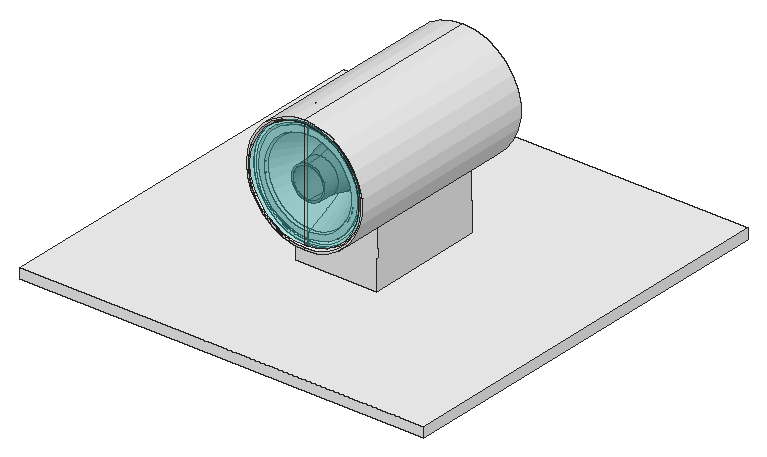
Revit family "BE_24725_de_DE", category Leuchten, Revit 2020
Family settings
  Basisbauteil = Fläche
  Bemaßung runder Anschluss = Durchmesser verwenden
  Teiletyp = Normal
  Beim Laden mit Abzugskörper schneiden = Ja
  Lichtquelle = Ja
  Gemeinsam genutzt = Nein
  Raumberechnungspunkt = Ja
Parameters (values of type "BEGA_24725_Weiß_K4")
  built-in parameter 1150104 = 17.197 (stored number, unit not read)
  Wattage = 8.4 W
  Default Elevation = 0 mm
  built-in parameter 1150113 = 1 (stored number, unit not read)
  built-in parameter 1114218 = 1 (stored number, unit not read)
  Umgebungstemperatur = "25 °C"
  URL = "https://www.bega.com/de/produkt/24725"
  Typenkommentare = "© 2022 BEGA. Wir behalten uns das Recht vor, technische Änderungen ohne vorherige Ankündigung vorzunehmen."  # constant formula
  built-in parameter 1150134 = 12
  built-in parameter 1150109 = 1 (stored number, unit not read)
  Strom = ""
  built-in parameter 1150110 = 1 (stored number, unit not read)
  Spannung = 239.996 V
  Sonderanfertigung = no
  Seriennummer [instance] = "Hier können Sie die eindeutige Seriennummer für das Facility Management eintragen."
  Schutzklasse = "I"
  Schutzart = "IP 65"
  Scheinlast = 0 VA
  Produktdatenblatt = "https://cdn.bega.com/bega/products/24725WK3/current/documents/data-sheets/de"
  Oberflächentemperatur = ""
  Neigungswinkel = 0.00°
  Modell = "24725WK4"
  Material_17 = BEGA_Reflektor
  Material_15 = BEGA_Leuchtmedium_matt
  Material_13 = BEGA_Kunststoff_matt
  Material_09 = BEGA_Glas_klar
  Material_06 = BEGA_Oberfläche_Edelstahl_gebürstet
  Material_03 = BEGA_Oberfläche_Weiss_matt
  Material_02 = BEGA_Oberfläche_Silber_matt
  Material_01 [instance] = BEGA_Oberfläche_Grafit_matt
  M_W = yes
  M_G = no
  M_A = no
  Logo = 0
  built-in parameter 1114217 = 1 (stored number, unit not read)
  built-in parameter 1150139 = (empty or 0)
  built-in parameter 1150105 = 123.74 (stored number, unit not read)
  built-in parameter 1150114 = 1 (stored number, unit not read)
  Lumens = 1554.92 lm
  built-in parameter 1150115 = 1 (stored number, unit not read)
  Leuchtenlichtstrom = "515 lm"
  Leuchtenanzahl = ""
  Lebensdauerkriterien = "L70B50 @ 25 °C = 115000 h"
  Lastklassifizierung = Beleuchtung
  built-in parameter 1150112 = 1 (stored number, unit not read)
  Lampenlichtstrom = "1555 lm"
  Lampe = "LED 8.4 W"
  LED_Modulbezeichnung = "LED-1145/840"
  built-in parameter 1150142 = (empty or 0)
  Hersteller = "BEGA"  # constant formula
  Halbstreuwinkel = ""
  Gewicht = "2.25 kg"
  Gebrauchslageneinschränkung [instance] = ""
  Frequenz = "0/50-60 Hz"
  Farbwiedergabeindex = "CRI > 80"
  Farbtemperaturverschiebung bei Dämpfen der Lampe = <Keine Auswahl>
  Farbtemperatur = "4000 K"
  Color Filter = 16777215
  built-in parameter 1150133 = 10 (stored number, unit not read)
  Energieeffizienzklasse = "LED A++ - A"
  built-in parameter 1150137 = (empty or 0)
  built-in parameter 1150132 = (empty or 0)
  ENEC = ""
  Dimmbar [instance] = ""
  Datei für fotometrisches Netz = "BE_24725K4.IES"
  CE_Konformität = "ja"
  Bestellnummer = "24725WK4"
  Beschreibung_Sonderanfertigung = "Hier können Sie Informationen zur Sonderanfertigung eintragen."
  Beschreibung = "Wandleuchte"
  built-in parameter 1150106 = 1.2374 (stored number, unit not read)
  Befestigungsbohrung = "Ø 4,4 mm"
  Befestigungsabstand = "60 x 95 mm"
  Ballwurfsicher = ""
  Anschlussleitung = ""
  Anschlussleistung [instance] = "10 W"
  Anschlusskasten = ""
  built-in parameter 1150107 = 4000 (stored number, unit not read)
  built-in parameter 1150102 = (empty or 0)
  built-in parameter 1150138 = (empty or 0)
  Aktualisierung = "2022-05-20T04:00:08"
  Abstand_zur_angestrahlten_Fläche [instance] = ""
  AC/DC = "AC/DC"
Types (6, lengths in mm): name | built-in parameter 1150104 | built-in parameter 1150134 | Modell | M_W | M_G | M_A | built-in parameter 1150105 | Lumens | Leuchtenlichtstrom | Lampenlichtstrom | LED_Modulbezeichnung | Farbtemperatur | Datei für fotometrisches Netz | Bestellnummer | built-in parameter 1150106 | built-in parameter 1150107
  BEGA_24725_Weiß_K3 | 16.369 (stored number, unit not read) | (empty or 0) | "24725WK3" | yes | no | no | 117.77 (stored number, unit not read) | 1480 lm | "490 lm" | "1480 lm" | "LED-1145/830" | "3000 K" | "BE_24725K3.IES" | "24725WK3" | 1.1777 (stored number, unit not read) | 3000 (stored number, unit not read)
  BEGA_24725_Weiß_K4 | 17.197 (stored number, unit not read) | 12 | "24725WK4" | yes | no | no | 123.74 (stored number, unit not read) | 1554.92 lm | "515 lm" | "1555 lm" | "LED-1145/840" | "4000 K" | "BE_24725K4.IES" | "24725WK4" | 1.2374 (stored number, unit not read) | 4000 (stored number, unit not read)
  BEGA_24725_Grafit_K4 | 17.198 (stored number, unit not read) | 12 | "24725K4" | no | yes | no | 123.74 (stored number, unit not read) | 1555.01 lm | "515 lm" | "1555 lm" | "LED-1145/840" | "4000 K" | "BE_24725K4.IES" | "24725K4" | 1.2374 (stored number, unit not read) | 4000 (stored number, unit not read)
  BEGA_24725_Grafit_K3 | 16.369 (stored number, unit not read) | (empty or 0) | "24725K3" | no | yes | no | 117.77 (stored number, unit not read) | 1480 lm | "490 lm" | "1480 lm" | "LED-1145/830" | "3000 K" | "BE_24725K3.IES" | "24725K3" | 1.1777 (stored number, unit not read) | 3000 (stored number, unit not read)
  BEGA_24725_Silber_K4 | 17.198 (stored number, unit not read) | 12 | "24725AK4" | no | no | yes | 123.74 (stored number, unit not read) | 1555.01 lm | "515 lm" | "1555 lm" | "LED-1145/840" | "4000 K" | "BE_24725K4.IES" | "24725AK4" | 1.2374 (stored number, unit not read) | 4000 (stored number, unit not read)
  BEGA_24725_Silber_K3 | 16.369 (stored number, unit not read) | (empty or 0) | "24725AK3" | no | no | yes | 117.77 (stored number, unit not read) | 1480 lm | "490 lm" | "1480 lm" | "LED-1145/830" | "3000 K" | "BE_24725K3.IES" | "24725AK3" | 1.1777 (stored number, unit not read) | 3000 (stored number, unit not read)
Reference planes
  plane 1 "Mitte (Vorne/Hinten)": y = 0
  plane 2: z = 0
  plane 3 "Mitte (Links/Rechts)": x = 0
  plane 4 "Links": x = -57.49
  plane 5 "Rechts": x = 57.5
  plane 6 "Unten": y = -97.7
  plane 7 "Oben": y = 97.5
  plane 8 "Vorne": z = 156.1
  plane 9 "Hinten": z = 0
Forms (mm)
  Extrusion 1, solid, material "BEGA_Platte_Weiss"
    sketch origin (0, -1119.2, 0) x (1, 0, 0) y (0, 1, 0)
      loop
        line (-200, 1319.2) -> (-200, 919.2) -> (200, 919.2) -> (200, 1319.2) -> (-200, 1319.2)
    from 0 to -10
  Extrusion 2, solid, material "BEGA_Dummy_matt", not visible
    sketch origin (80.095, -76.023, 0) x (1, 0, 0) y (0, 1, 0)
      loop
        line (-137.585, 173.523) -> (-137.585, -21.677) -> (-22.595, -21.677) -> (-22.595, 173.523) -> (-137.585, 173.523)
    from 0 to 156.1
Dimensions and locks
  plane 1 "Mitte (Vorne/Hinten)" to Extrusion 1 = 200 mm
  aligned and locked: Extrusion 1 to plane 2
  aligned and locked: level to Extrusion 1
Nested families
  nested 1: "BE_24725" at (0, 0, 0) x (0, -1, 0) z (0, 0, 1), type "BE_24725"
Connectors
  electrical at (0, 0, 0), driven by "Lastklassifizierung", driven by "Spannung", driven by "Scheinlast"
    settings: index 1, voltage 239.996 V, apparent load 0 VA, apparent load phase1 0 VA, apparent load phase2 0 VA, apparent load phase3 0 VA, power factor 1, load classification "Beleuchtung", number of poles 1, system type 31, power factor state 1, is connector primary yes, connector utility no, sub classification motor no, connector description ""
Definition of nested family "BE_24725"
  Parameters (values of type "BE_24725")
    Default Elevation = 1 mm
    URL = "http://www.bega.de/de/produkt"
    Type Comments = "© 2015 BEGA. Wir behalten uns das Recht vor, technische Änderungen ohne vorherige Ankündigung vorzunehmen. "  # constant formula
    Type Image = (empty or 0)
    Material_17 = none
    Material_15 = none
    Material_13 = none
    Material_09 = none
    Material_06 = none
    Material_03 = none
    Material_02 = none
    Material_01 = none
    M_W = yes
    M_G = yes
    M_A = yes
    Länge_Platte = 300 mm  # constant formula
    Höhe_Platte = -20 mm  # constant formula
    Manufacturer = "BEGA"  # constant formula
    Breite_Platte = 300 mm  # constant formula
  Reference planes
    plane 1 "Mitte (Oben/Unten)": y = 0
    plane 2: z = 0
    plane 3 "Mitte (Links/Rechts)": x = 0
    plane 4: x = 97.7
    plane 5: x = -97.5
    plane 6: z = 156.1
    plane 7: y = 57.5
    plane 8: y = -57.49
  Forms (mm)
    Extrusion 1, solid, detail levels medium
      sketch origin (0, 0, 0) x (1, 0, 0) y (0, 1, 0)
        loop
          line (-150, 150) -> (-150, -150) -> (150, -150) -> (150, 150) -> (-150, 150)
      from 0 to -20 <- "Höhe_Platte"
    Revolve 2, solid, material <- "Material_09"
      sketch origin (0, 0, 0) x (-1, 0, 0) y (0, 0, 1)
        loop
          line (-97.7, 98.6) -> (-93.6, 98.6) -> (-93.6, 152.6) -> (-97.7, 152.6) -> (-97.7, 98.6)
        axis (-97.7, 98.6) -> (-93.6, 98.6)
      angle from 0 to 360
    Revolve 3, solid, material <- "Material_17"
      sketch origin (0, 0, 0) x (1, 0, 0) y (0, 0, 1)
        loop
          line (-93.3, 141.601) -> (-90.658, 140.606)
          arc (-90.658, 140.606) -> (-69.591, 131.359) -> (-49.635, 119.908) r 214.495
          line (-49.635, 119.908) -> (-46.3, 119.85) -> (-46.3, 108.6) -> (-45.1, 108.6) -> (-45.1, 119.425)
          arc (-45.1, 119.425) -> (-45.438, 120.376) -> (-46.3, 120.901) r 1.508
          line (-46.3, 120.901) -> (-49.386, 121.203)
          arc (-49.386, 121.203) -> (-68.917, 132.385) -> (-89.515, 141.455) r 214.012
          line (-89.515, 141.455) -> (-92.1, 142.434) -> (-92.1, 147.6) -> (-93.3, 147.6) -> (-93.3, 141.601)
        axis (-93.3, 98.6) -> (-45.1, 98.6)
      angle from 0 to 360
    Revolve 4, solid, material <- "Material_17"
      sketch origin (0, 0, 0) x (-1, 0, 0) y (0, 0, 1)
        loop
          line (-93.3, 141.601) -> (-90.658, 140.606)
          arc (-90.658, 140.606) -> (-69.591, 131.359) -> (-49.635, 119.908) r 214.495
          line (-49.635, 119.908) -> (-46.3, 119.85) -> (-46.3, 108.6) -> (-45.1, 108.6) -> (-45.1, 119.425)
          arc (-45.1, 119.425) -> (-45.438, 120.376) -> (-46.3, 120.901) r 1.508
          line (-46.3, 120.901) -> (-49.386, 121.203)
          arc (-49.386, 121.203) -> (-68.917, 132.385) -> (-89.515, 141.455) r 214.012
          line (-89.515, 141.455) -> (-92.1, 142.434) -> (-92.1, 147.6) -> (-93.3, 147.6) -> (-93.3, 141.601)
        axis (-93.3, 98.6) -> (-45.1, 98.6)
      angle from 0 to 360
    Revolve 5, solid, material <- "Material_01"
      sketch origin (0, 0, 0) x (1, 0, 0) y (0, 0, 1)
        loop
          line (-93.1, 115.201) -> (-93.1, 113.6) -> (-59.308, 114.78) -> (-59.308, 115.883) -> (-46.3, 115.996) -> (-46.3, 119.6) -> (-60.3, 119.478) -> (-78.006, 115.733) -> (-93.1, 115.201)
        axis (-93.1, 98.6) -> (-46.3, 98.6)
      angle from 0 to 360
    Revolve 6, solid, material <- "Material_01"
      sketch origin (0, 0, 0) x (-1, 0, 0) y (0, 0, 1)
        loop
          line (-93.1, 115.201) -> (-93.1, 113.6) -> (-59.308, 114.78) -> (-59.308, 115.883) -> (-46.3, 115.996) -> (-46.3, 119.6) -> (-60.3, 119.478) -> (-78.006, 115.733) -> (-93.1, 115.201)
        axis (-93.1, 98.6) -> (-46.3, 98.6)
      angle from 0 to 360
    Revolve 7, solid, material <- "Material_01", visible <- "M_G"
      sketch origin (0, 0, 0) x (1, 0, 0) y (0, 0, 1)
        loop
          line (-97.5, 98.6) -> (97.5, 98.6) -> (97.5, 156.1) -> (-97.5, 156.1) -> (-97.5, 98.6)
        axis (-97.5, 98.6) -> (97.5, 98.6)
      angle from 0 to 360
    Extrusion 8, solid, material <- "Material_01", visible <- "M_G"
      sketch origin (0, 0, 0) x (1, 0, 0) y (0, 0, 1)
        loop
          line (-59, 1.3) -> (59, 1.3) -> (57.474, 59.577) -> (-57.474, 59.577) -> (-59, 1.3)
      from -39.971 to 40.217
    Revolve 9, solid, material <- "Material_13"
      sketch origin (0, 0, 0) x (1, 0, 0) y (0, 0, 1)
        loop
          line (-44.15, 108.604) -> (-44.15, 98.6) -> (-43.346, 98.6) -> (-43.346, 108.604) -> (-44.15, 108.604)
        axis (-44.15, 98.6) -> (-43.15, 98.6)
      angle from 0 to 360
    Revolve 10, solid, material <- "Material_15"
      sketch origin (0, 0, 0) x (-1, 0, 0) y (0, 0, 1)
        loop
          line (-44.15, 108.604) -> (-44.15, 98.6) -> (-43.346, 98.6) -> (-43.346, 108.604) -> (-44.15, 108.604)
        axis (-44.15, 98.6) -> (-43.15, 98.6)
      angle from 0 to 360
    Revolve 11, void
      sketch origin (0, 0, 0) x (-1, 0, 0) y (0, 0, 1)
        loop
          line (-42, 98.6) -> (-42, 148.291) -> (-93.3, 150.083) -> (-93.3, 152.965) -> (-99.113, 155.064) -> (-99.113, 98.6) -> (-42, 98.6)
        axis (-99.113, 98.6) -> (-42, 98.6)
      angle from 0 to 360
    Extrusion 12, void
      sketch origin (0, 0, 0) x (1, 0, 0) y (0, 1, 0)
        loop
          arc (-45.292, 31.01) -> (-47.51, 33.226) -> (-49.724, 31.006) r 2.216
          line (-49.724, 31.006) -> (-49.724, 27.006)
          arc (-49.724, 27.006) -> (-47.506, 24.794) -> (-45.292, 27.01) r 2.216
          line (-45.292, 27.01) -> (-45.292, 31.01)
      from 0 to 7.85
    Extrusion 13, solid, material <- "Material_01", visible <- "M_G"
      sketch origin (0, 0, 0) x (1, 0, 0) y (0, 1, 0)
        loop
          arc (-51.723, 27.012) -> (-47.508, 22.797) -> (-43.293, 27.012) r 4.215
          line (-43.293, 27.012) -> (-43.293, 31.012)
          arc (-43.293, 31.012) -> (-47.508, 35.227) -> (-51.723, 31.012) r 4.215
          line (-51.723, 31.012) -> (-51.723, 27.012)
        loop
          arc (-45.293, 31.007) -> (-47.506, 33.227) -> (-49.724, 31.012) r 2.215
          line (-49.724, 31.012) -> (-49.724, 27.012)
          arc (-49.724, 27.012) -> (-47.511, 24.797) -> (-45.293, 27.007) r 2.215
          line (-45.293, 27.007) -> (-45.293, 31.007)
      from 0 to 7.634
    Extrusion 14, void
      sketch origin (0, 0, 0) x (1, 0, 0) y (0, 1, 0)
        loop
          circle (-22.508, 17.512) r 10.25
      from 0 to 20.198
    Extrusion 15, void
      sketch origin (0, 0, 0) x (1, 0, 0) y (0, 1, 0)
        loop
          circle (-22.508, -17.512) r 10.25
      from 0 to 20.198
    Extrusion 16, void
      sketch origin (0, 0, 0) x (1, 0, 0) y (0, 1, 0)
        loop
          arc (49.492, -33.204) -> (51.707, -30.988) -> (49.492, -28.773) r 2.215
          line (49.492, -28.773) -> (45.492, -28.773)
          arc (45.492, -28.773) -> (43.276, -30.988) -> (45.492, -33.204) r 2.215
          line (45.492, -33.204) -> (49.492, -33.204)
      from -4.437 to 14.492
    Extrusion 17, solid, material <- "Material_01", visible <- "M_G"
      sketch origin (0, 0, 0) x (1, 0, 0) y (0, 1, 0)
        loop
          arc (49.492, -35.203) -> (53.707, -30.988) -> (49.492, -26.773) r 4.215
          line (49.492, -26.773) -> (45.492, -26.773)
          arc (45.492, -26.773) -> (41.277, -30.988) -> (45.492, -35.203) r 4.215
          line (45.492, -35.203) -> (49.492, -35.203)
        loop
          arc (45.492, -28.773) -> (43.276, -30.988) -> (45.492, -33.204) r 2.215
          line (45.492, -33.204) -> (49.492, -33.204)
          arc (49.492, -33.204) -> (51.707, -30.988) -> (49.492, -28.773) r 2.215
          line (49.492, -28.773) -> (45.492, -28.773)
      from 0 to 7.899
    Extrusion 18, solid, material <- "Material_01", visible <- "M_G"
      sketch origin (0, 0, 0) x (1, 0, 0) y (0, 1, 0)
        loop
          arc (45.492, 35.227) -> (41.277, 31.012) -> (45.492, 26.797) r 4.215
          line (45.492, 26.797) -> (49.492, 26.797)
          arc (49.492, 26.797) -> (53.707, 31.012) -> (49.492, 35.227) r 4.215
          line (49.492, 35.227) -> (45.492, 35.227)
      from 0 to 10.492
    Extrusion 19, solid, material <- "Material_01", visible <- "M_G"
      sketch origin (0, 0, 0) x (1, 0, 0) y (0, 1, 0)
        loop
          arc (-43.293, -26.988) -> (-47.508, -22.773) -> (-51.723, -26.988) r 4.215
          line (-51.723, -26.988) -> (-51.723, -30.988)
          arc (-51.723, -30.988) -> (-47.508, -35.203) -> (-43.293, -30.988) r 4.215
          line (-43.293, -30.988) -> (-43.293, -26.988)
      from 0 to 16.243
    Revolve 20, solid, material <- "Material_02", visible <- "M_A"
      sketch origin (0, 0, 0) x (1, 0, 0) y (0, 0, 1)
        loop
          line (-97.5, 98.6) -> (97.5, 98.6) -> (97.5, 156.1) -> (-97.5, 156.1) -> (-97.5, 98.6)
        axis (-97.5, 98.6) -> (97.5, 98.6)
      angle from 0 to 360
    Extrusion 21, solid, material <- "Material_02", visible <- "M_A"
      sketch origin (0, 0, 0) x (1, 0, 0) y (0, 0, 1)
        loop
          line (-59, 1.3) -> (59, 1.3) -> (57.474, 59.577) -> (-57.474, 59.577) -> (-59, 1.3)
      from -39.971 to 40.217
    Extrusion 22, solid, material <- "Material_02", visible <- "M_A"
      sketch origin (0, 0, 0) x (1, 0, 0) y (0, 1, 0)
        loop
          arc (45.492, 35.227) -> (41.277, 31.012) -> (45.492, 26.797) r 4.215
          line (45.492, 26.797) -> (49.492, 26.797)
          arc (49.492, 26.797) -> (53.707, 31.012) -> (49.492, 35.227) r 4.215
          line (49.492, 35.227) -> (45.492, 35.227)
      from 0 to 10.492
    Extrusion 23, solid, material <- "Material_02", visible <- "M_A"
      sketch origin (0, 0, 0) x (1, 0, 0) y (0, 1, 0)
        loop
          arc (49.492, -35.203) -> (53.707, -30.988) -> (49.492, -26.773) r 4.215
          line (49.492, -26.773) -> (45.492, -26.773)
          arc (45.492, -26.773) -> (41.277, -30.988) -> (45.492, -35.203) r 4.215
          line (45.492, -35.203) -> (49.492, -35.203)
        loop
          arc (45.492, -28.773) -> (43.276, -30.988) -> (45.492, -33.204) r 2.215
          line (45.492, -33.204) -> (49.492, -33.204)
          arc (49.492, -33.204) -> (51.707, -30.988) -> (49.492, -28.773) r 2.215
          line (49.492, -28.773) -> (45.492, -28.773)
      from 0 to 7.899
    Extrusion 24, solid, material <- "Material_02", visible <- "M_A"
      sketch origin (0, 0, 0) x (1, 0, 0) y (0, 1, 0)
        loop
          arc (-43.293, -26.988) -> (-47.508, -22.773) -> (-51.723, -26.988) r 4.215
          line (-51.723, -26.988) -> (-51.723, -30.988)
          arc (-51.723, -30.988) -> (-47.508, -35.203) -> (-43.293, -30.988) r 4.215
          line (-43.293, -30.988) -> (-43.293, -26.988)
      from 0 to 16.243
    Extrusion 25, solid, material <- "Material_02", visible <- "M_A"
      sketch origin (0, 0, 0) x (1, 0, 0) y (0, 1, 0)
        loop
          arc (-51.723, 27.012) -> (-47.508, 22.797) -> (-43.293, 27.012) r 4.215
          line (-43.293, 27.012) -> (-43.293, 31.012)
          arc (-43.293, 31.012) -> (-47.508, 35.227) -> (-51.723, 31.012) r 4.215
          line (-51.723, 31.012) -> (-51.723, 27.012)
        loop
          arc (-45.293, 31.007) -> (-47.506, 33.227) -> (-49.724, 31.012) r 2.215
          line (-49.724, 31.012) -> (-49.724, 27.012)
          arc (-49.724, 27.012) -> (-47.511, 24.797) -> (-45.293, 27.007) r 2.215
          line (-45.293, 27.007) -> (-45.293, 31.007)
      from 0 to 7.634
    Revolve 26, solid, material <- "Material_03", visible <- "M_W"
      sketch origin (0, 0, 0) x (1, 0, 0) y (0, 0, 1)
        loop
          line (-97.5, 98.6) -> (97.5, 98.6) -> (97.5, 156.1) -> (-97.5, 156.1) -> (-97.5, 98.6)
        axis (-97.5, 98.6) -> (97.5, 98.6)
      angle from 0 to 360
    Extrusion 27, solid, material <- "Material_03", visible <- "M_W"
      sketch origin (0, 0, 0) x (1, 0, 0) y (0, 0, 1)
        loop
          line (-59, 1.3) -> (59, 1.3) -> (57.474, 59.577) -> (-57.474, 59.577) -> (-59, 1.3)
      from -39.971 to 40.217
    Extrusion 28, solid, material <- "Material_03", visible <- "M_W"
      sketch origin (0, 0, 0) x (1, 0, 0) y (0, 1, 0)
        loop
          arc (45.492, 35.227) -> (41.277, 31.012) -> (45.492, 26.797) r 4.215
          line (45.492, 26.797) -> (49.492, 26.797)
          arc (49.492, 26.797) -> (53.707, 31.012) -> (49.492, 35.227) r 4.215
          line (49.492, 35.227) -> (45.492, 35.227)
      from 0 to 10.492
    Extrusion 29, solid, material <- "Material_03", visible <- "M_W"
      sketch origin (0, 0, 0) x (1, 0, 0) y (0, 1, 0)
        loop
          arc (49.492, -35.203) -> (53.707, -30.988) -> (49.492, -26.773) r 4.215
          line (49.492, -26.773) -> (45.492, -26.773)
          arc (45.492, -26.773) -> (41.277, -30.988) -> (45.492, -35.203) r 4.215
          line (45.492, -35.203) -> (49.492, -35.203)
        loop
          arc (45.492, -28.773) -> (43.276, -30.988) -> (45.492, -33.204) r 2.215
          line (45.492, -33.204) -> (49.492, -33.204)
          arc (49.492, -33.204) -> (51.707, -30.988) -> (49.492, -28.773) r 2.215
          line (49.492, -28.773) -> (45.492, -28.773)
      from 0 to 7.899
    Extrusion 30, solid, material <- "Material_03", visible <- "M_W"
      sketch origin (0, 0, 0) x (1, 0, 0) y (0, 1, 0)
        loop
          arc (-43.293, -26.988) -> (-47.508, -22.773) -> (-51.723, -26.988) r 4.215
          line (-51.723, -26.988) -> (-51.723, -30.988)
          arc (-51.723, -30.988) -> (-47.508, -35.203) -> (-43.293, -30.988) r 4.215
          line (-43.293, -30.988) -> (-43.293, -26.988)
      from 0 to 16.243
    Extrusion 31, solid, material <- "Material_03", visible <- "M_W"
      sketch origin (0, 0, 0) x (1, 0, 0) y (0, 1, 0)
        loop
          arc (-51.723, 27.012) -> (-47.508, 22.797) -> (-43.293, 27.012) r 4.215
          line (-43.293, 27.012) -> (-43.293, 31.012)
          arc (-43.293, 31.012) -> (-47.508, 35.227) -> (-51.723, 31.012) r 4.215
          line (-51.723, 31.012) -> (-51.723, 27.012)
        loop
          arc (-45.293, 31.007) -> (-47.506, 33.227) -> (-49.724, 31.012) r 2.215
          line (-49.724, 31.012) -> (-49.724, 27.012)
          arc (-49.724, 27.012) -> (-47.511, 24.797) -> (-45.293, 27.007) r 2.215
          line (-45.293, 27.007) -> (-45.293, 31.007)
      from 0 to 7.634
  Cuts and joins
    Revolve 11, Extrusion 12, Extrusion 14, Extrusion 16 cuts Revolve 7
    Revolve 11, Extrusion 12, Extrusion 14, Extrusion 15, Extrusion 16 cuts Extrusion 8
    Revolve 11 cuts Revolve 20
    Extrusion 12, Extrusion 14, Extrusion 15, Extrusion 16 cuts Extrusion 21
    Revolve 11 cuts Revolve 26
    Extrusion 12, Extrusion 14, Extrusion 15, Extrusion 16 cuts Extrusion 27
  Dimensions and locks
    equal spacing: Extrusion 1 sketch curve, plane 3 "Mitte (Links/Rechts)", Extrusion 1 sketch curve
    equal spacing: Extrusion 1 sketch curve, plane 1 "Mitte (Oben/Unten)", Extrusion 1 sketch curve
    "Länge_Platte": Extrusion 1 sketch curve to Extrusion 1 sketch curve
    "Breite_Platte": Extrusion 1 sketch curve to Extrusion 1 sketch curve
    aligned and locked: Extrusion 1 to plane 2
    aligned and locked: Extrusion 1 to level
  Automatic sketch dimensions
    Revolve 2 sketch curve to plane 3 "Mitte (Links/Rechts)" = 97.7 mm
    Revolve 2 sketch curve to Revolve 2 sketch curve = 4.1 mm
    Revolve 2 sketch curve to level = 98.6 mm
    Revolve 2 sketch curve to Revolve 2 sketch curve = 54 mm
    Revolve 2 sketch curve to Revolve 2 sketch curve = 1.932 mm
    Revolve 2 sketch curve to plane 3 "Mitte (Links/Rechts)" = 43.1 mm
    Revolve 2 sketch curve to Revolve 2 sketch curve = 0 mm
    Revolve 3 sketch curve to level = 60.14 mm
    Revolve 3 sketch curve to plane 3 "Mitte (Links/Rechts)" = 166.213 mm
    Revolve 3 sketch curve to Revolve 3 sketch curve = 0.873 mm
    Revolve 3 sketch curve to plane 3 "Mitte (Links/Rechts)" = 93.3 mm
    Revolve 3 sketch curve to Revolve 3 sketch curve = 1.2 mm  (x2)
    Revolve 3 sketch curve to Revolve 3 sketch curve = 1.442 mm
    Revolve 3 sketch curve to Revolve 3 sketch curve = 1.143 mm
    Revolve 3 sketch curve to Revolve 3 sketch curve = 39.879 mm
    Revolve 3 sketch curve to Revolve 3 sketch curve = 0.249 mm
    Revolve 3 sketch curve to Revolve 3 sketch curve = 3.027 mm
    Revolve 3 sketch curve to Revolve 3 sketch curve = 0.308 mm
    Revolve 3 sketch curve to Revolve 3 sketch curve = 0 mm  (x2)
    Revolve 3 sketch curve to Revolve 3 sketch curve = 1.465 mm
    level to Revolve 3 sketch curve = 108.6 mm
    Revolve 3 sketch curve to Revolve 3 sketch curve = 10.825 mm
    Revolve 3 sketch curve to Revolve 3 sketch curve = 0.425 mm
    Revolve 3 sketch curve to Revolve 3 sketch curve = 0.483 mm
    Revolve 3 sketch curve to Revolve 3 sketch curve = 1.051 mm
    Revolve 3 sketch curve to Revolve 3 sketch curve = 1.295 mm
    Revolve 3 sketch curve to Revolve 3 sketch curve = 0.994 mm
    Revolve 3 sketch curve to Revolve 3 sketch curve = 0.833 mm
    Revolve 3 sketch curve to Revolve 3 sketch curve = 5.166 mm
    Revolve 3 sketch curve to Revolve 3 sketch curve = 5.11 mm
    Revolve 3 sketch curve to Revolve 3 sketch curve = 2 mm
    Revolve 3 sketch curve to Revolve 3 sketch curve = 10 mm
    level to Revolve 4 sketch curve = 60.14 mm
    Revolve 4 sketch curve to plane 3 "Mitte (Links/Rechts)" = 166.213 mm
    Revolve 4 sketch curve to Revolve 4 sketch curve = 0.873 mm
    Revolve 4 sketch curve to plane 3 "Mitte (Links/Rechts)" = 93.3 mm
    Revolve 4 sketch curve to Revolve 4 sketch curve = 1.2 mm  (x2)
    Revolve 4 sketch curve to Revolve 4 sketch curve = 1.442 mm
    Revolve 4 sketch curve to Revolve 4 sketch curve = 1.143 mm
    Revolve 4 sketch curve to Revolve 4 sketch curve = 39.879 mm
    Revolve 4 sketch curve to Revolve 4 sketch curve = 0.249 mm
    Revolve 4 sketch curve to Revolve 4 sketch curve = 3.027 mm
    Revolve 4 sketch curve to Revolve 4 sketch curve = 0.308 mm
    Revolve 4 sketch curve to Revolve 4 sketch curve = 0 mm  (x2)
    Revolve 4 sketch curve to Revolve 4 sketch curve = 1.465 mm
    Revolve 4 sketch curve to level = 108.6 mm
    Revolve 4 sketch curve to Revolve 4 sketch curve = 10.825 mm
    Revolve 4 sketch curve to Revolve 4 sketch curve = 0.425 mm
    Revolve 4 sketch curve to Revolve 4 sketch curve = 0.483 mm
    Revolve 4 sketch curve to Revolve 4 sketch curve = 1.051 mm
    Revolve 4 sketch curve to Revolve 4 sketch curve = 1.295 mm
    Revolve 4 sketch curve to Revolve 4 sketch curve = 0.994 mm
    Revolve 4 sketch curve to Revolve 4 sketch curve = 0.833 mm
    Revolve 4 sketch curve to Revolve 4 sketch curve = 5.166 mm
    Revolve 4 sketch curve to Revolve 4 sketch curve = 5.11 mm
    Revolve 4 sketch curve to Revolve 4 sketch curve = 2 mm
    Revolve 4 sketch curve to Revolve 4 sketch curve = 10 mm
    Revolve 5 sketch curve to plane 3 "Mitte (Links/Rechts)" = 93.1 mm
    Revolve 5 sketch curve to Revolve 5 sketch curve = 15.094 mm
    Revolve 5 sketch curve to Revolve 5 sketch curve = 17.706 mm
    Revolve 5 sketch curve to Revolve 5 sketch curve = 0.992 mm
    Revolve 5 sketch curve to Revolve 5 sketch curve = 13.008 mm
    level to Revolve 5 sketch curve = 113.6 mm
    Revolve 5 sketch curve to Revolve 5 sketch curve = 1.18 mm
    Revolve 5 sketch curve to Revolve 5 sketch curve = 1.601 mm
    Revolve 5 sketch curve to Revolve 5 sketch curve = 0.532 mm
    Revolve 5 sketch curve to Revolve 5 sketch curve = 1.102 mm
    Revolve 5 sketch curve to Revolve 5 sketch curve = 0.114 mm
    Revolve 5 sketch curve to Revolve 5 sketch curve = 3.595 mm
    Revolve 5 sketch curve to Revolve 5 sketch curve = 3.604 mm
    Revolve 5 sketch curve to Revolve 5 sketch curve = 2.668 mm
    Revolve 5 sketch curve to Revolve 5 sketch curve = 3.2 mm
    Revolve 5 sketch curve to Revolve 5 sketch curve = 17.396 mm
    Revolve 6 sketch curve to plane 3 "Mitte (Links/Rechts)" = 93.1 mm
    Revolve 6 sketch curve to Revolve 6 sketch curve = 15.094 mm
    Revolve 6 sketch curve to Revolve 6 sketch curve = 17.706 mm
    Revolve 6 sketch curve to Revolve 6 sketch curve = 0.992 mm
    Revolve 6 sketch curve to Revolve 6 sketch curve = 13.008 mm
    Revolve 6 sketch curve to level = 113.6 mm
    Revolve 6 sketch curve to Revolve 6 sketch curve = 1.18 mm
    Revolve 6 sketch curve to Revolve 6 sketch curve = 1.601 mm
    Revolve 6 sketch curve to Revolve 6 sketch curve = 0.532 mm
    Revolve 6 sketch curve to Revolve 6 sketch curve = 1.102 mm
    Revolve 6 sketch curve to Revolve 6 sketch curve = 0.114 mm
    Revolve 6 sketch curve to Revolve 6 sketch curve = 3.595 mm
    Revolve 6 sketch curve to Revolve 6 sketch curve = 3.604 mm
    Revolve 6 sketch curve to Revolve 6 sketch curve = 2.668 mm
    Revolve 6 sketch curve to Revolve 6 sketch curve = 3.2 mm
    Revolve 6 sketch curve to Revolve 6 sketch curve = 17.396 mm
    Revolve 7 sketch curve to plane 3 "Mitte (Links/Rechts)" = 97.5 mm
    plane 3 "Mitte (Links/Rechts)" to Revolve 7 sketch curve = 97.5 mm
    level to Revolve 7 sketch curve = 98.6 mm
    Revolve 7 sketch curve to Revolve 7 sketch curve = 57.5 mm
    Revolve 7 sketch curve to Revolve 7 sketch curve = 0 mm  (x3)
    level to Extrusion 8 sketch curve = 1.3 mm
    Extrusion 8 sketch curve to plane 3 "Mitte (Links/Rechts)" = 59 mm
    Extrusion 8 sketch curve to plane 3 "Mitte (Links/Rechts)" = 57.474 mm
    plane 3 "Mitte (Links/Rechts)" to Extrusion 8 sketch curve = 57.474 mm
    Extrusion 8 sketch curve to Extrusion 8 sketch curve = 1.526 mm
    Extrusion 8 sketch curve to Extrusion 8 sketch curve = 58.277 mm
    Revolve 9 sketch curve to plane 3 "Mitte (Links/Rechts)" = 44.15 mm
    Revolve 9 sketch curve to Revolve 9 sketch curve = 0.804 mm
    level to Revolve 9 sketch curve = 98.6 mm
    Revolve 9 sketch curve to Revolve 9 sketch curve = 10.004 mm
    Revolve 9 sketch curve to Revolve 9 sketch curve = 51.618 mm
    Revolve 9 sketch curve to Revolve 9 sketch curve = 0.246 mm
    Revolve 9 sketch curve to Revolve 9 sketch curve = 0 mm
    Revolve 10 sketch curve to plane 3 "Mitte (Links/Rechts)" = 44.15 mm
    Revolve 10 sketch curve to Revolve 10 sketch curve = 0.804 mm
    Revolve 10 sketch curve to level = 98.6 mm
    Revolve 10 sketch curve to Revolve 10 sketch curve = 10.004 mm
    Revolve 10 sketch curve to Revolve 10 sketch curve = 51.618 mm
    Revolve 10 sketch curve to Revolve 10 sketch curve = 0.246 mm
    Revolve 10 sketch curve to Revolve 10 sketch curve = 0 mm
    Revolve 11 sketch curve to plane 3 "Mitte (Links/Rechts)" = 99.113 mm
    Revolve 11 sketch curve to Revolve 11 sketch curve = 5.813 mm
    Revolve 11 sketch curve to plane 3 "Mitte (Links/Rechts)" = 42 mm
    Revolve 11 sketch curve to level = 98.6 mm
    Revolve 11 sketch curve to Revolve 11 sketch curve = 49.691 mm
    Revolve 11 sketch curve to Revolve 11 sketch curve = 1.791 mm
    Revolve 11 sketch curve to Revolve 11 sketch curve = 2.882 mm
    Revolve 11 sketch curve to Revolve 11 sketch curve = 2.099 mm
    Revolve 11 sketch curve to Revolve 11 sketch curve = 0 mm  (x3)
    Extrusion 12 sketch curve to plane 3 "Mitte (Links/Rechts)" = 49.724 mm
    Extrusion 12 sketch curve to Extrusion 12 sketch curve = 2.216 mm
    Extrusion 12 sketch curve to plane 1 "Mitte (Oben/Unten)" = 27.01 mm
    Extrusion 12 sketch curve to Extrusion 12 sketch curve = 0.004 mm  (x2)
    Extrusion 12 sketch curve to Extrusion 12 sketch curve = 4 mm
    Extrusion 13 sketch curve to Extrusion 13 sketch curve = 0 mm  (x18)
    Extrusion 13 sketch curve to plane 3 "Mitte (Links/Rechts)" = 47.508 mm
    Extrusion 13 sketch curve to Extrusion 13 sketch curve = 2.215 mm
    Extrusion 13 sketch curve to plane 1 "Mitte (Oben/Unten)" = 27.012 mm
    Extrusion 13 sketch curve to Extrusion 13 sketch curve = 0.005 mm  (x4)
    Extrusion 13 sketch curve to Extrusion 13 sketch curve = 4 mm
    Extrusion 13 sketch curve to Extrusion 13 sketch curve = 1.999 mm  (x2)
    plane 3 "Mitte (Links/Rechts)" to Extrusion 15 sketch curve = 22.508 mm
    Extrusion 15 sketch curve to plane 1 "Mitte (Oben/Unten)" = 17.512 mm
    plane 3 "Mitte (Links/Rechts)" to Extrusion 17 sketch curve = 45.492 mm
    plane 1 "Mitte (Oben/Unten)" to Extrusion 17 sketch curve = 30.988 mm
    Extrusion 17 sketch curve to Extrusion 17 sketch curve = 0 mm  (x6)
    Extrusion 17 sketch curve to Extrusion 17 sketch curve = 4 mm  (x3)
    Extrusion 17 sketch curve to Extrusion 17 sketch curve = 4.215 mm
    Revolve 20 sketch curve to plane 3 "Mitte (Links/Rechts)" = 97.5 mm
    plane 3 "Mitte (Links/Rechts)" to Revolve 20 sketch curve = 97.5 mm
    level to Revolve 20 sketch curve = 98.6 mm
    Revolve 20 sketch curve to Revolve 20 sketch curve = 57.5 mm
    Revolve 20 sketch curve to Revolve 20 sketch curve = 0 mm  (x3)
    level to Extrusion 21 sketch curve = 1.3 mm
    Extrusion 21 sketch curve to plane 3 "Mitte (Links/Rechts)" = 59 mm
    Extrusion 21 sketch curve to plane 3 "Mitte (Links/Rechts)" = 57.474 mm
    plane 3 "Mitte (Links/Rechts)" to Extrusion 21 sketch curve = 57.474 mm
    Extrusion 21 sketch curve to Extrusion 21 sketch curve = 1.526 mm
    Extrusion 21 sketch curve to Extrusion 21 sketch curve = 58.277 mm
    plane 3 "Mitte (Links/Rechts)" to Extrusion 22 sketch curve = 45.492 mm
    Extrusion 22 sketch curve to Extrusion 22 sketch curve = 4 mm  (x3)
    Extrusion 22 sketch curve to plane 1 "Mitte (Oben/Unten)" = 31.012 mm
    Extrusion 22 sketch curve to Extrusion 22 sketch curve = 0 mm  (x10)
    Extrusion 22 sketch curve to Extrusion 22 sketch curve = 4.215 mm
    Extrusion 23 sketch curve to Extrusion 23 sketch curve = 0 mm  (x21)
    plane 3 "Mitte (Links/Rechts)" to Extrusion 23 sketch curve = 45.492 mm
    Extrusion 23 sketch curve to Extrusion 23 sketch curve = 4 mm  (x2)
    plane 1 "Mitte (Oben/Unten)" to Extrusion 23 sketch curve = 30.988 mm
    Extrusion 23 sketch curve to Extrusion 23 sketch curve = 2.215 mm  (x2)
    Extrusion 23 sketch curve to Extrusion 23 sketch curve = 1.999 mm  (x2)
    Extrusion 24 sketch curve to plane 3 "Mitte (Links/Rechts)" = 47.508 mm
    Extrusion 24 sketch curve to Extrusion 24 sketch curve = 0 mm  (x9)
    plane 1 "Mitte (Oben/Unten)" to Extrusion 24 sketch curve = 30.988 mm
    Extrusion 24 sketch curve to Extrusion 24 sketch curve = 4 mm  (x3)
    Extrusion 24 sketch curve to Extrusion 24 sketch curve = 4.215 mm
    Extrusion 25 sketch curve to Extrusion 25 sketch curve = 0 mm  (x17)
    Extrusion 25 sketch curve to plane 3 "Mitte (Links/Rechts)" = 47.508 mm
    Extrusion 25 sketch curve to Extrusion 25 sketch curve = 2.215 mm
    Extrusion 25 sketch curve to plane 1 "Mitte (Oben/Unten)" = 27.007 mm
    Extrusion 25 sketch curve to Extrusion 25 sketch curve = 0.005 mm  (x4)
    Extrusion 25 sketch curve to Extrusion 25 sketch curve = 4 mm  (x2)
    Extrusion 25 sketch curve to Extrusion 25 sketch curve = 1.999 mm  (x2)
    Revolve 26 sketch curve to plane 3 "Mitte (Links/Rechts)" = 97.5 mm
    plane 3 "Mitte (Links/Rechts)" to Revolve 26 sketch curve = 97.5 mm
    level to Revolve 26 sketch curve = 98.6 mm
    Revolve 26 sketch curve to Revolve 26 sketch curve = 57.5 mm
    Revolve 26 sketch curve to Revolve 26 sketch curve = 0 mm  (x3)
    level to Extrusion 27 sketch curve = 1.3 mm
    Extrusion 27 sketch curve to plane 3 "Mitte (Links/Rechts)" = 59 mm
    Extrusion 27 sketch curve to plane 3 "Mitte (Links/Rechts)" = 57.474 mm
    plane 3 "Mitte (Links/Rechts)" to Extrusion 27 sketch curve = 57.474 mm
    Extrusion 27 sketch curve to Extrusion 27 sketch curve = 1.526 mm
    Extrusion 27 sketch curve to Extrusion 27 sketch curve = 58.277 mm
    plane 3 "Mitte (Links/Rechts)" to Extrusion 28 sketch curve = 45.492 mm
    Extrusion 28 sketch curve to Extrusion 28 sketch curve = 4 mm  (x3)
    Extrusion 28 sketch curve to plane 1 "Mitte (Oben/Unten)" = 31.012 mm
    Extrusion 28 sketch curve to Extrusion 28 sketch curve = 0 mm  (x10)
    Extrusion 28 sketch curve to Extrusion 28 sketch curve = 4.215 mm
    Extrusion 29 sketch curve to Extrusion 29 sketch curve = 0 mm  (x21)
    plane 3 "Mitte (Links/Rechts)" to Extrusion 29 sketch curve = 45.492 mm
    Extrusion 29 sketch curve to Extrusion 29 sketch curve = 4 mm  (x2)
    plane 1 "Mitte (Oben/Unten)" to Extrusion 29 sketch curve = 30.988 mm
    Extrusion 29 sketch curve to Extrusion 29 sketch curve = 2.215 mm  (x2)
    Extrusion 29 sketch curve to Extrusion 29 sketch curve = 1.999 mm  (x2)
    Extrusion 30 sketch curve to plane 3 "Mitte (Links/Rechts)" = 47.508 mm
    Extrusion 30 sketch curve to Extrusion 30 sketch curve = 0 mm  (x9)
    plane 1 "Mitte (Oben/Unten)" to Extrusion 30 sketch curve = 30.988 mm
    Extrusion 30 sketch curve to Extrusion 30 sketch curve = 4 mm  (x3)
    Extrusion 30 sketch curve to Extrusion 30 sketch curve = 4.215 mm
    Extrusion 31 sketch curve to Extrusion 31 sketch curve = 0 mm  (x17)
    Extrusion 31 sketch curve to plane 3 "Mitte (Links/Rechts)" = 47.508 mm
    Extrusion 31 sketch curve to Extrusion 31 sketch curve = 2.215 mm
    Extrusion 31 sketch curve to plane 1 "Mitte (Oben/Unten)" = 27.007 mm
    Extrusion 31 sketch curve to Extrusion 31 sketch curve = 0.005 mm  (x4)
    Extrusion 31 sketch curve to Extrusion 31 sketch curve = 4 mm  (x2)
    Extrusion 31 sketch curve to Extrusion 31 sketch curve = 1.999 mm  (x2)
    radius of Extrusion 15 sketch curve = 10.25 mm
